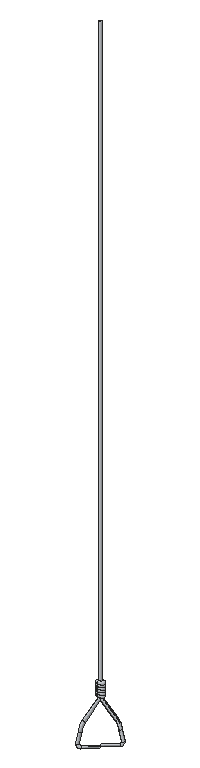
Revit family "Wire-HunterDouglas-V-Baffle_Fins", category Specialty Equipment, Revit 2013
Parameters (values of type "Parametric")
  ecoScorecard_data = "http://products.ecoscorecard.com/hunterdouglascontract/LV101520M"
  ecoScorecard Product Page = "http://hunterdouglascontract.ecoscorecard.com/product/LV101520M?base_search=product_category_A1035"
  Wire Visibility = yes
  Wire Hanger = Metal - Aluminum Frame - HunterDouglas - Painted White
  URL = "http://www.hunterdouglascontract.com/ceilings/index.jsp"
  Subcategory = "Metal Screen Baffle"  # constant formula
  Product Line = "V-Baffle Fins"  # constant formula
  Model = "V-Baffle Fins Hanger Wire"  # constant formula
  Manufacturer = "Hunter Douglas Luxalon Metal Ceilings"  # constant formula
  Hanger Wire Length [instance] = 2' - 0"
  Description = "V-Baffle Fins Hanger Wire"  # constant formula
  Color Finishes = "http://www.hunterdouglascontract.com/ceilings/metalsystems/screenbaffle/vseries/index.jsp?t=colorPage"
  Assembly Code = "C3030200"
  95 CSI = "09510"  # constant formula
  04 CSI = "09 51 00"  # constant formula
Reference planes (in)
  plane 1 "Center (Front/Back)": y = 0
  plane 2: z = 0
  plane 3 "Center (Left/Right)": x = 0
  plane 4: x = -0.77248
  plane 5: x = 0.77248
  plane 6: z = 5.625
  plane 7: z = 5.6875
  plane 8: z = 24
  plane 9: x = 0.39791
  plane 10: x = -0.39791
Dimensions and locks (in)
  equal spacing: plane 4, plane 3 "Center (Left/Right)", plane 5
  plane 4 to plane 5 = 0' - 1.54495"
  locked: plane 6 to plane 7 at 0.0625
  plane 6 to level = 0' - 5 5/8"
  "Hanger Wire Length": plane 8 to level
  aligned and locked: level to plane 2
  aligned and locked: plane 1 "Center (Front/Back)" to nested 1
  aligned and locked: plane 3 "Center (Left/Right)" to nested 1
Nested families (in)
  nested 1: "Hanger_Wire" at (0, 0, 0), type "Wire"
Definition of nested family "Hanger_Wire"
  Parameters (values of type "Wire")
    Wire Visibility = yes
    Wire Hanger = Metal - Aluminum Frame - HunterDouglas - Painted White
    URL = "http://www.hunterdouglascontract.com/ceilings/index.jsp"
    Subcategory = "Metal – Cell Ceilings"  # constant formula
    Product Line = "Open Cell"  # constant formula
    Model = "Open Cell Hanger_Wire"  # constant formula
    Manufacturer = "Hunter Douglas Luxalon Metal Ceilings"  # constant formula
    Hanger Wire Length = 2' - 0"
    Description = "Hanger_Wire"  # constant formula
    Assembly Code = "C3030200"
    95 CSI = "09510"  # constant formula
    04 CSI = "09 51 00"  # constant formula
  Reference planes (in)
    plane 1 "Center (Front/Back)": y = 0
    plane 2: z = 0
    plane 3 "Center (Left/Right)": x = 0
    plane 4: x = -0.77248
    plane 5: x = 0.77248
    plane 6: z = 5.625
    plane 7: z = 5.6875
    plane 8: z = 24
    plane 9: x = 0.39791
    plane 10: x = -0.39791
  Forms (in)
    Sweep 1, solid, material "Metal - Aluminum Frame - HunterDouglas - Painted White" <- "Wire Hanger", visible <- "Wire Visibility", detail levels fine
      path origin (0, 0, 0) x (0.707107, 0.707107, 0) y (0, 0, 1)
        loop
          line (0.03125, 24) -> (0.03125, 6.89543) -> (0.38236, 6.32885)
          arc (0.38236, 6.32885) -> (0.44435, 6.20373) -> (0.48166, 6.06916) r 0.73777
          line (0.48166, 6.06916) -> (0.5376, 5.75399)
          arc (0.5376, 5.75399) -> (0.51364, 5.66427) -> (0.42949, 5.625) r 0.1098
          line (0.42949, 5.625) -> (-0.42976, 5.625)
          arc (-0.42976, 5.625) -> (-0.51374, 5.66419) -> (-0.53765, 5.75372) r 0.10957
          line (-0.53765, 5.75372) -> (-0.48246, 6.06465)
          arc (-0.48246, 6.06465) -> (-0.44395, 6.20357) -> (-0.37995, 6.33274) r 0.76163
          line (-0.37995, 6.33274) -> (-0.0384, 6.88388)
      profile origin (-0.0001, -0.0001, 5.625) x (0, 0, -1) y (0.707107, -0.707107, 0)
        loop
          circle (-0.03125, 0) r 0.03125
    Revolve 2, solid, material "Metal - Aluminum Frame - HunterDouglas - Painted White" <- "Wire Hanger", visible <- "Wire Visibility", detail levels fine
      sketch origin (0.00705, -1.10535, 0.17393) x (0, 0.947216, -0.320596) y (0, 0.320596, 0.947216)
        loop
          line (-1.22115, 7.10899) -> (-1.29189, 7.10899)
          arc (-1.29189, 7.10899) -> (-1.32314, 7.07774) -> (-1.29189, 7.04649) r 0.03125
          line (-1.29189, 7.04649) -> (-1.22115, 7.04649) -> (-1.22115, 7.10899)
        axis (-1.22115, 7.04649) -> (-1.22115, 7.10899)
      angle from 0 to 360
    Revolve 3, solid, material "Metal - Aluminum Frame - HunterDouglas - Painted White" <- "Wire Hanger", visible <- "Wire Visibility", detail levels fine
      sketch origin (0.00705, -1.10535, 0.04197) x (0, 0.947216, -0.320596) y (0, 0.320596, 0.947216)
        loop
          line (-1.22115, 7.10899) -> (-1.29189, 7.10899)
          arc (-1.29189, 7.10899) -> (-1.32314, 7.07774) -> (-1.29189, 7.04649) r 0.03125
          line (-1.29189, 7.04649) -> (-1.22115, 7.04649) -> (-1.22115, 7.10899)
        axis (-1.22115, 7.04649) -> (-1.22115, 7.10899)
      angle from 0 to 360
    Revolve 4, solid, material "Metal - Aluminum Frame - HunterDouglas - Painted White" <- "Wire Hanger", visible <- "Wire Visibility", detail levels fine
      sketch origin (0.00705, -1.10535, 0.10916) x (0, 0.947216, -0.320596) y (0, 0.320596, 0.947216)
        loop
          line (-1.22115, 7.10899) -> (-1.29189, 7.10899)
          arc (-1.29189, 7.10899) -> (-1.32314, 7.07774) -> (-1.29189, 7.04649) r 0.03125
          line (-1.29189, 7.04649) -> (-1.22115, 7.04649) -> (-1.22115, 7.10899)
        axis (-1.22115, 7.04649) -> (-1.22115, 7.10899)
      angle from 0 to 360
    Revolve 5, solid, material "Metal - Aluminum Frame - HunterDouglas - Painted White" <- "Wire Hanger", visible <- "Wire Visibility", detail levels fine
      sketch origin (0.00705, -1.10535, -0.02357) x (0, 0.947216, -0.320596) y (0, 0.320596, 0.947216)
        loop
          line (-1.22115, 7.10899) -> (-1.29189, 7.10899)
          arc (-1.29189, 7.10899) -> (-1.32314, 7.07774) -> (-1.29189, 7.04649) r 0.03125
          line (-1.29189, 7.04649) -> (-1.22115, 7.04649) -> (-1.22115, 7.10899)
        axis (-1.22115, 7.04649) -> (-1.22115, 7.10899)
      angle from 0 to 360
    Revolve 6, solid, material "Metal - Aluminum Frame - HunterDouglas - Painted White" <- "Wire Hanger", visible <- "Wire Visibility", detail levels fine
      sketch origin (0.00705, -1.10535, -0.08912) x (0, 0.947216, -0.320596) y (0, 0.320596, 0.947216)
        loop
          line (-1.22115, 7.10899) -> (-1.29189, 7.10899)
          arc (-1.29189, 7.10899) -> (-1.32314, 7.07774) -> (-1.29189, 7.04649) r 0.03125
          line (-1.29189, 7.04649) -> (-1.22115, 7.04649) -> (-1.22115, 7.10899)
        axis (-1.22115, 7.04649) -> (-1.22115, 7.10899)
      angle from 0 to 360
    Revolve 7, solid, material "Metal - Aluminum Frame - HunterDouglas - Painted White" <- "Wire Hanger", visible <- "Wire Visibility", detail levels fine
      sketch origin (0.00705, -1.10535, -0.15857) x (0, 0.947216, -0.320596) y (0, 0.320596, 0.947216)
        loop
          line (-1.22115, 7.10899) -> (-1.29189, 7.10899)
          arc (-1.29189, 7.10899) -> (-1.32314, 7.07774) -> (-1.29189, 7.04649) r 0.03125
          line (-1.29189, 7.04649) -> (-1.22115, 7.04649) -> (-1.22115, 7.10899)
        axis (-1.22115, 7.04649) -> (-1.22115, 7.10899)
      angle from 0 to 360
  Lines and regions (in)
    model lines, style "Wire", visible <- "Wire Visibility", detail levels coarse+medium
      curve 1: line (0, 0, 23.78125) -> (0, 0, 5.6875)
    symbolic lines, style "Wire", visible <- "Wire Visibility", detail levels fine
      curve 2: line (-0.38204, -0.33784, 0) -> (-0.08282, -0.03863, 0)
      curve 3: line (0.38204, 0.33784, 0) -> (0.09664, 0.05243, 0)
      curve 4: arc (0.33784, 0.38204, 0) -> (0.38204, 0.38204, 0) -> (0.38204, 0.33784, 0) r 0.03125
      curve 5: arc (-0.38204, -0.33784, 0) -> (-0.38204, -0.38204, 0) -> (-0.33784, -0.38204, 0) r 0.03125
      curve 6: circle (0.00691, 0.00691, 0) r 0.10062 normal (0, 0, 1)
      curve 8: line (0.05244, 0.09663, 0) -> (0.33784, 0.38204, 0)
      curve 9: line (-0.03862, -0.08282, 0) -> (-0.33784, -0.38204, 0)
      curve 14: line (-0.03122, 0, 24) -> (0.03122, 0, 24)
      curve 15: line (0.03122, 0, 24) -> (0.03122, 0, 7.2956)
      curve 16: line (-0.02999, 0, 6.87867) -> (-0.27048, 0, 6.34802)
      curve 17: line (-0.39791, 0, 5.75833) -> (-0.33782, 0, 6.08096)
      curve 18: arc (-0.33782, 0, 6.08096) -> (-0.3161, 0, 6.2175) -> (-0.27048, 0, 6.34802) r 0.77561
      curve 19: arc (-0.39791, 0, 5.75833) -> (-0.37867, 0, 5.67143) -> (-0.30275, 0, 5.625) r 0.11373
      curve 20: line (0.08629, 0, 6.80661) -> (-0.02999, 0, 6.87867)
      curve 21: spline (-0.03122, 0, 6.87764) -> (-0.02944, 0, 6.87816) -> (-0.02594, 0, 6.87916) -> (-0.02092, 0, 6.8806) -> (-0.01467, 0, 6.88239) -> (-0.00756, 0, 6.88442) -> (0, 0, 6.88657) -> (0.00755, 0, 6.88872) -> (0.01466, 0, 6.89074) -> (0.02091, 0, 6.89251) -> (0.02594, 0, 6.89393) -> (0.02944, 0, 6.89492) -> (0.03122, 0, 6.89542)
      curve 22: line (0.00884, 0, 6.81294) -> (-0.21356, 0, 6.32222)
      curve 23: arc (-0.2757, 0, 6.07315) -> (-0.25593, 0, 6.2005) -> (-0.21356, 0, 6.32222) r 0.71311
      curve 24: line (-0.33647, 0, 5.74689) -> (-0.2757, 0, 6.07315)
      curve 25: arc (-0.33647, 0, 5.74689) -> (-0.3278, 0, 5.70774) -> (-0.2936, 0, 5.68683) r 0.05123
      curve 26: line (0.03122, 0, 24) -> (-0.03122, 0, 24)
      curve 27: line (-0.03122, 0, 24) -> (-0.03122, 0, 7.3171)
      curve 28: line (-0.2936, 0, 5.68683) -> (0, 0, 5.68683)
      curve 29: line (0, 0, 5.625) -> (-0.30275, 0, 5.625)
      curve 30: line (-0.03122, 0, 6.92002) -> (-0.03122, 0, 6.87595)
      curve 31: line (0.03122, 0, 6.87595) -> (0.27048, 0, 6.34802)
      curve 32: line (0.39791, 0, 5.75833) -> (0.33782, 0, 6.08096)
      curve 33: arc (0.33782, 0, 6.08096) -> (0.3161, 0, 6.2175) -> (0.27048, 0, 6.34802) r 0.77561
      curve 34: arc (0.39791, 0, 5.75833) -> (0.37867, 0, 5.67143) -> (0.30275, 0, 5.625) r 0.11373
      curve 35: spline (0.03122, 0, 6.87764) -> (0.02944, 0, 6.87816) -> (0.02594, 0, 6.87916) -> (0.02092, 0, 6.8806) -> (0.01467, 0, 6.88239) -> (0.00756, 0, 6.88442) -> (0, 0, 6.88657) -> (-0.00755, 0, 6.88872) -> (-0.01466, 0, 6.89074) -> (-0.02091, 0, 6.89251) -> (-0.02594, 0, 6.89393) -> (-0.02944, 0, 6.89492) -> (-0.03122, 0, 6.89542)
      curve 36: line (-0.00884, 0, 6.81294) -> (0.21356, 0, 6.32222)
      curve 37: arc (0.2757, 0, 6.07315) -> (0.25593, 0, 6.2005) -> (0.21356, 0, 6.32222) r 0.71311
      curve 38: line (0.33647, 0, 5.74689) -> (0.2757, 0, 6.07315)
      curve 39: arc (0.33647, 0, 5.74689) -> (0.3278, 0, 5.70774) -> (0.2936, 0, 5.68683) r 0.05123
      curve 40: line (0.2936, 0, 5.68683) -> (0, 0, 5.68683)
      curve 41: line (0, 0, 5.625) -> (0.30275, 0, 5.625)
      curve 42: line (0.03122, 0, 6.92002) -> (0.03122, 0, 6.87595)
    symbolic lines, style "Wire", detail levels fine
      curve 7: circle (0, 0, 0) r 0.03125 normal (0, 0, 1)
      curve 43: line (0, 0.03122, 6.87595) -> (0, 0.27048, 6.34802)
      curve 44: line (0, 0.39791, 5.75833) -> (0, 0.33782, 6.08096)
      curve 45: arc (0, 0.33782, 6.08096) -> (0, 0.3161, 6.2175) -> (0, 0.27048, 6.34802) r 0.77561
      curve 46: arc (0, 0.39791, 5.75833) -> (0, 0.37867, 5.67143) -> (0, 0.30275, 5.625) r 0.11373
      curve 47: line (0, -0.00884, 6.81294) -> (0, 0.21356, 6.32222)
      curve 48: arc (0, 0.2757, 6.07315) -> (0, 0.25593, 6.2005) -> (0, 0.21356, 6.32222) r 0.71311
      curve 49: line (0, 0.33647, 5.74689) -> (0, 0.2757, 6.07315)
      curve 50: arc (0, 0.33647, 5.74689) -> (0, 0.3278, 5.70774) -> (0, 0.2936, 5.68683) r 0.05123
      curve 51: line (0, 0.2936, 5.68683) -> (0, 0, 5.68683)
      curve 52: line (0, 0, 5.625) -> (0, 0.30275, 5.625)
      curve 53: line (0, -0.03122, 6.87595) -> (0, -0.27048, 6.34802)
      curve 54: line (0, -0.39791, 5.75833) -> (0, -0.33782, 6.08096)
      curve 55: arc (0, -0.33782, 6.08096) -> (0, -0.3161, 6.2175) -> (0, -0.27048, 6.34802) r 0.77561
      curve 56: arc (0, -0.39791, 5.75833) -> (0, -0.37867, 5.67143) -> (0, -0.30275, 5.625) r 0.11373
      curve 57: line (0, 0.00884, 6.81294) -> (0, -0.21356, 6.32222)
      curve 58: arc (0, -0.2757, 6.07315) -> (0, -0.25593, 6.2005) -> (0, -0.21356, 6.32222) r 0.71311
      curve 59: line (0, -0.33647, 5.74689) -> (0, -0.2757, 6.07315)
      curve 60: arc (0, -0.33647, 5.74689) -> (0, -0.3278, 5.70774) -> (0, -0.2936, 5.68683) r 0.05123
      curve 61: line (0, -0.2936, 5.68683) -> (0, 0, 5.68683)
      curve 62: line (0, 0, 5.625) -> (0, -0.30275, 5.625)
      curve 63: line (0, -0.03122, 6.92002) -> (0, -0.03122, 6.87595)
      curve 64: line (0, -0.04684, 7.32248) -> (0, 0.08788, 7.27609)
      curve 65: line (0, -0.07537, 7.26608) -> (0, 0.06749, 7.21689)
      curve 66: arc (0, 0.08788, 7.27609) -> (0, 0.10729, 7.2363) -> (0, 0.06749, 7.21689) r 0.03131
      curve 67: arc (0, -0.04684, 7.32248) -> (0, -0.08569, 7.30672) -> (0, -0.07537, 7.26608) r 0.0319
      curve 68: arc (0, 0.08788, 7.20987) -> (0, 0.10784, 7.17187) -> (0, 0.0711, 7.14966) r 0.03131
      curve 69: arc (0, -0.04684, 7.25626) -> (0, -0.08551, 7.24085) -> (0, -0.07602, 7.20032) r 0.0319
      curve 70: line (0, -0.07602, 7.20032) -> (0, 0.0711, 7.14966)
      curve 71: arc (0, 0.08788, 7.14365) -> (0, 0.10784, 7.10565) -> (0, 0.0711, 7.08344) r 0.03131
      curve 72: arc (0, -0.04684, 7.19004) -> (0, -0.08551, 7.17463) -> (0, -0.07602, 7.1341) r 0.0319
      curve 73: line (0, -0.07602, 7.1341) -> (0, 0.0711, 7.08344)
      curve 74: arc (0, 0.08788, 7.07743) -> (0, 0.10784, 7.03943) -> (0, 0.0711, 7.01722) r 0.03131
      curve 75: arc (0, -0.04684, 7.12382) -> (0, -0.08551, 7.10841) -> (0, -0.07602, 7.06788) r 0.0319
      curve 76: line (0, -0.07602, 7.06788) -> (0, 0.0711, 7.01722)
      curve 77: arc (0, 0.08788, 7.01121) -> (0, 0.10784, 6.97321) -> (0, 0.0711, 6.951) r 0.03131
      curve 78: arc (0, -0.04684, 7.0576) -> (0, -0.08551, 7.04219) -> (0, -0.07602, 7.00166) r 0.0319
      curve 79: line (0, -0.07602, 7.00166) -> (0, 0.0711, 6.951)
      curve 80: arc (0, 0.08788, 6.94499) -> (0, 0.10784, 6.90699) -> (0, 0.0711, 6.88478) r 0.03131
      curve 81: arc (0, -0.04684, 6.99138) -> (0, -0.08551, 6.97597) -> (0, -0.07602, 6.93544) r 0.0319
      curve 82: line (0, -0.07602, 6.93544) -> (0, 0.0711, 6.88478)
      curve 83: line (0, -0.03122, 6.92002) -> (0, -0.03122, 6.87595)
      curve 84: spline (0, 0.03122, 6.87764) -> (0, 0.02944, 6.87816) -> (0, 0.02594, 6.87916) -> (0, 0.02092, 6.8806) -> (0, 0.01467, 6.88239) -> (0, 0.00756, 6.88442) -> (0, 0, 6.88657) -> (0, -0.00755, 6.88872) -> (0, -0.01466, 6.89074) -> (0, -0.02091, 6.89251) -> (0, -0.02594, 6.89393) -> (0, -0.02944, 6.89492) -> (0, -0.03122, 6.89542)
      curve 85: line (0, 0.03122, 6.89852) -> (0, 0.03122, 6.87595)
    symbolic lines, style "Wire", visible <- "Wire Visibility"
      curve 10: line (0, 0.03125, 24) -> (0, -0.03125, 24)
      curve 86: arc (-0.07801, 0, 6.97131) -> (-0.09482, 0, 7.00588) -> (-0.07483, 0, 7.03872) r 0.04011
      curve 87: arc (-0.07459, 0, 7.03886) -> (-0.03526, 0, 7.05461) -> (0.00686, 0, 7.05917) r 0.15569
      curve 88: arc (0.09173, 0, 6.97131) -> (0.10854, 0, 7.00588) -> (0.08855, 0, 7.03872) r 0.04011
      curve 89: arc (0.0883, 0, 7.03886) -> (0.04898, 0, 7.05461) -> (0.00686, 0, 7.05917) r 0.15569
      curve 90: arc (-0.07483, 0, 7.03872) -> (-0.09482, 0, 7.07163) -> (-0.07788, 0, 7.10622) r 0.04011
      curve 91: arc (-0.07459, 0, 7.10831) -> (-0.03526, 0, 7.12406) -> (0.00686, 0, 7.12862) r 0.15569
      curve 92: arc (0.08855, 0, 7.03872) -> (0.10858, 0, 7.07359) -> (0.0883, 0, 7.10831) r 0.04011
      curve 93: arc (0.0883, 0, 7.10831) -> (0.04898, 0, 7.12406) -> (0.00686, 0, 7.12862) r 0.15569
      curve 94: arc (-0.07788, 0, 7.10622) -> (-0.09482, 0, 7.14094) -> (-0.07459, 0, 7.17385) r 0.04011
      curve 95: arc (-0.07459, 0, 7.17385) -> (-0.03526, 0, 7.1896) -> (0.00686, 0, 7.19416) r 0.15569
      curve 96: arc (0.0916, 0, 7.10622) -> (0.10853, 0, 7.14094) -> (0.0883, 0, 7.17385) r 0.04011
      curve 97: arc (0.0883, 0, 7.17385) -> (0.04898, 0, 7.1896) -> (0.00686, 0, 7.19416) r 0.15569
      curve 98: arc (-0.07788, 0, 7.17176) -> (-0.09486, 0, 7.20453) -> (-0.07788, 0, 7.2373) r 0.04011
      curve 99: arc (-0.07459, 0, 7.23939) -> (-0.03526, 0, 7.25514) -> (0.00686, 0, 7.2597) r 0.15569
      curve 100: arc (0.0916, 0, 7.17176) -> (0.10858, 0, 7.20453) -> (0.0916, 0, 7.2373) r 0.04011
      curve 101: arc (0.0883, 0, 7.23939) -> (0.04898, 0, 7.25514) -> (0.00686, 0, 7.2597) r 0.15569
      curve 102: arc (-0.07788, 0, 7.2373) -> (-0.09482, 0, 7.27202) -> (-0.07459, 0, 7.30494) r 0.04011
      curve 103: arc (-0.07459, 0, 7.30494) -> (-0.03526, 0, 7.32068) -> (0.00686, 0, 7.32524) r 0.15569
      curve 104: arc (0.0916, 0, 7.2373) -> (0.10853, 0, 7.27202) -> (0.0883, 0, 7.30494) r 0.04011
      curve 105: arc (0.0883, 0, 7.30494) -> (0.04898, 0, 7.32068) -> (0.00686, 0, 7.32524) r 0.15569
      curve 106: arc (-0.07788, 0, 6.90568) -> (-0.09482, 0, 6.94041) -> (-0.07459, 0, 6.97332) r 0.04011
      curve 107: arc (-0.07801, 0, 6.97131) -> (-0.03718, 0, 6.98857) -> (0.00686, 0, 6.99363) r 0.15569
      curve 108: arc (0.0916, 0, 6.90568) -> (0.10853, 0, 6.94041) -> (0.0883, 0, 6.97332) r 0.04011
      curve 109: arc (0.09173, 0, 6.97131) -> (0.0509, 0, 6.98857) -> (0.00686, 0, 6.99363) r 0.15569
      curve 110: arc (-0.07788, 0, 6.90568) -> (-0.05245, 0, 6.89233) -> (-0.02439, 0, 6.88621) r 0.10721
      curve 111: arc (0.0916, 0, 6.90568) -> (0.06617, 0, 6.89233) -> (0.03811, 0, 6.88621) r 0.10721
    symbolic lines, style "Wire", detail levels medium+fine
      curve 11: line (0, -0.03125, 24) -> (0, -0.03125, 7.23915)
      curve 12: arc (0, 0.03125, 7.23915) -> (0, 0, 7.22966) -> (0, -0.03125, 7.23915) r 0.05621
      curve 13: line (0, 0.03125, 7.23915) -> (0, 0.03125, 24)
  Dimensions and locks (in)
    equal spacing: plane 4, plane 3 "Center (Left/Right)", plane 5
    plane 4 to plane 5 = 0' - 1.54495"
    locked: plane 6 to plane 7 at 0.0625
    plane 6 to level = 0' - 5 5/8"
    "Hanger Wire Length": plane 8 to level
    aligned and locked: level to plane 2
    aligned and locked: Sweep 1 sketch curve to plane 6
    aligned and locked: curve 1 to plane 3 "Center (Left/Right)"
    aligned and locked: plane 7 to curve 1
    aligned and locked: plane 8 to curve 26
    aligned and locked: plane 8 to Sweep 1 sketch curve
    aligned and locked: curve 10 to plane 8
  Automatic sketch dimensions
    curve 12 to plane 1 "Center (Front/Back)" = 0' - 0"
    plane 1 "Center (Front/Back)" to curve 11 = 0' - 0 1/32"
    curve 13 to plane 1 "Center (Front/Back)" = 0' - 0 1/32"
    curve 12 to curve 12 = 0' - 0.04672"
    curve 18 to curve 23 = 0' - 0"  (x2)
    curve 19 to curve 25 = 0' - 0"  (x2)
    curve 33 to curve 37 = 0' - 0"  (x2)
    curve 34 to curve 39 = 0' - 0"  (x2)
    curve 19 to plane 6 = 0' - 0"
    curve 41 to plane 3 "Center (Left/Right)" = 0' - 0"
    curve 40 to plane 3 "Center (Left/Right)" = 0' - 0"
    curve 35 to plane 3 "Center (Left/Right)" = 0' - 0"
    curve 36 to plane 3 "Center (Left/Right)" = 0' - 0.00884"
    curve 16 to plane 3 "Center (Left/Right)" = 0' - 0.02999"
    curve 14 to plane 3 "Center (Left/Right)" = 0' - 0.03122"
    curve 35 to curve 16 = 0' - 0.00123"
    curve 21 to curve 21 = 0' - 0.00021"
    curve 22 to plane 3 "Center (Left/Right)" = 0' - 0.21356"
    curve 18 to curve 23 = 0' - 0.05693"
    curve 23 to curve 22 = 0' - 0.06215"
    plane 7 to curve 19 = 0' - 0.05001"
    curve 19 to plane 3 "Center (Left/Right)" = 0' - 0.2861"
    curve 25 to plane 7 = 0' - 0.00067"
    curve 25 to curve 19 = 0' - 0.0075"
    curve 29 to curve 28 = 0' - 0.00915"
    curve 25 to curve 19 = 0' - 0.05037"
    curve 17 to curve 23 = 0' - 0.06212"
    plane 7 to curve 17 = 0' - 0.07083"
    curve 37 to curve 17 = 0' - 0.09814"
    plane 3 "Center (Left/Right)" to curve 21 = 0' - 0"
    plane 3 "Center (Left/Right)" to curve 22 = 0' - 0.00884"
    plane 3 "Center (Left/Right)" to curve 42 = 0' - 0.03122"
    plane 3 "Center (Left/Right)" to curve 14 = 0' - 0.03122"
    curve 35 to curve 31 = 0' - 0"
    curve 35 to curve 35 = 0' - 0.00021"
    curve 22 to curve 20 = 0' - 0.07745"
    plane 3 "Center (Left/Right)" to curve 37 = 0' - 0.21356"
    curve 36 to curve 31 = 0' - 0.05693"
    curve 37 to curve 38 = 0' - 0.06215"
    plane 7 to curve 39 = 0' - 0.05001"
    plane 3 "Center (Left/Right)" to curve 39 = 0' - 0.2861"
    curve 34 to curve 40 = 0' - 0.0075"
    curve 39 to curve 34 = 0' - 0.00915"
    curve 34 to curve 39 = 0' - 0.05037"
    curve 38 to curve 33 = 0' - 0.06212"
    curve 38 to curve 34 = 0' - 0.06144"
    curve 33 to curve 23 = 0' - 0.09814"
    curve 19 to curve 33 = 0' - 0 69/256"
    curve 34 to curve 18 = 0' - 0 69/256"
    curve 33 to curve 23 = 0' - 0.04529"
    curve 18 to curve 37 = 0' - 0.04529"
    curve 38 to curve 32 = 0' - 0 1/128"
    curve 23 to curve 18 = 0' - 0 1/128"
    curve 33 to curve 20 = 0' - 0.4586"
    curve 20 to curve 36 = 0' - 0.00633"
    curve 22 to curve 36 = 0' - 0"
    curve 36 to curve 30 = 0' - 0.06301"
    curve 42 to curve 16 = 0' - 0.00272"
    curve 31 to curve 35 = 0' - 0.00163"
    curve 30 to curve 21 = 0' - 0.00163"
    curve 35 to curve 35 = 0' - 0.00006"
    curve 21 to curve 21 = 0' - 0.00006"
    curve 35 to curve 30 = 0' - 0.0246"
    curve 21 to curve 42 = 0' - 0.0246"
    curve 42 to curve 15 = 0' - 0.37558"
    curve 15 to curve 27 = 0' - 0.0215"
    plane 1 "Center (Front/Back)" to curve 7 = 0' - 0"
    curve 7 to plane 3 "Center (Left/Right)" = 0' - 0"
    curve 9 to plane 3 "Center (Left/Right)" = 0' - 0.03862"
    plane 1 "Center (Front/Back)" to curve 2 = 0' - 0.03863"
    curve 2 to curve 9 = 0' - 0.0442"
    curve 5 to plane 3 "Center (Left/Right)" = 0' - 0.33784"
    curve 5 to curve 9 = 0' - 0.0221"
    curve 5 to curve 5 = 0' - 0.0221"
    plane 3 "Center (Left/Right)" to curve 6 = 0' - 0.00691"
    plane 3 "Center (Left/Right)" to curve 8 = 0' - 0.05244"
    curve 8 to curve 3 = 0' - 0.0442"
    plane 3 "Center (Left/Right)" to curve 4 = 0' - 0.33784"
    curve 4 to curve 4 = 0' - 0.0221"
    curve 4 to curve 3 = 0' - 0.0221"
    curve 9 to curve 2 = 0' - 0.0442"
    plane 1 "Center (Front/Back)" to curve 2 = 0' - 0.33784"
    curve 5 to curve 2 = 0' - 0.0221"
    curve 4 to plane 1 "Center (Front/Back)" = 0' - 0.33784"
    curve 3 to curve 4 = 0' - 0.0221"
    plane 7 to Sweep 1 sketch curve = 0' - 0.06622"
    plane 7 to Sweep 1 sketch curve = 0' - 0.37715"
    Sweep 1 sketch curve to Sweep 1 sketch curve = 0' - 0.05519"
    Sweep 1 sketch curve to Sweep 1 sketch curve = 0' - 0.10788"
    Sweep 1 sketch curve to Sweep 1 sketch curve = 0' - 0.10251"
    Sweep 1 sketch curve to Sweep 1 sketch curve = 0' - 0.2377"
    plane 7 to Sweep 1 sketch curve = 0' - 1.19638"
    Sweep 1 sketch curve to Sweep 1 sketch curve = 0' - 0.34154"
    Sweep 1 sketch curve to Sweep 1 sketch curve = 0' - 0.06965"
    plane 7 to Sweep 1 sketch curve = 0' - 0.24405"
    Sweep 1 sketch curve to Sweep 1 sketch curve = 0' - 0.51221"
    Sweep 1 sketch curve to Sweep 1 sketch curve = 0' - 0.1149"
    Sweep 1 sketch curve to Sweep 1 sketch curve = 0' - 0.16204"
    Sweep 1 sketch curve to Sweep 1 sketch curve = 0' - 0.21421"
    plane 7 to Sweep 1 sketch curve = 0' - 0.06649"
    Sweep 1 sketch curve to Sweep 1 sketch curve = 0' - 0.10811"
    plane 7 to Sweep 1 sketch curve = 0' - 0.25273"
    Sweep 1 sketch curve to Sweep 1 sketch curve = 0' - 0.13761"
    Sweep 1 sketch curve to Sweep 1 sketch curve = 0' - 0.01154"
    Sweep 1 sketch curve to profile plane = 0' - 0"
    profile plane to Sweep 1 sketch curve = 0' - 0 1/32"
    plane 1 "Center (Front/Back)" to Revolve 2 sketch curve = 0' - 0.06997"
    plane 7 to Revolve 2 sketch curve = 0' - 1.57516"
    Revolve 2 sketch curve to Revolve 2 sketch curve = 0' - 0.07074"
    Revolve 2 sketch curve to Revolve 2 sketch curve = 0' - 0"  (x2)
    Revolve 2 sketch curve to Revolve 2 sketch curve = 0' - 0 1/32"
    Revolve 2 sketch curve to Revolve 2 sketch curve = 0' - 0.02781"
    plane 1 "Center (Front/Back)" to Revolve 3 sketch curve = 0' - 0.06997"
    plane 7 to Revolve 3 sketch curve = 0' - 1.44319"
    Revolve 3 sketch curve to Revolve 3 sketch curve = 0' - 0.07074"
    Revolve 3 sketch curve to Revolve 3 sketch curve = 0' - 0"  (x2)
    Revolve 3 sketch curve to Revolve 3 sketch curve = 0' - 0 1/32"
    Revolve 3 sketch curve to Revolve 3 sketch curve = 0' - 0.02781"
    curve 45 to curve 48 = 0' - 0"  (x2)
    curve 46 to curve 50 = 0' - 0"  (x2)
    curve 55 to curve 58 = 0' - 0"  (x2)
    curve 56 to curve 60 = 0' - 0"  (x2)
    plane 6 to curve 46 = 0' - 0"
    curve 61 to plane 1 "Center (Front/Back)" = 0' - 0"
    curve 52 to plane 1 "Center (Front/Back)" = 0' - 0"
    curve 57 to plane 1 "Center (Front/Back)" = 0' - 0.00884"
    curve 85 to plane 1 "Center (Front/Back)" = 0' - 0.03122"
    curve 84 to curve 43 = 0' - 0"
    curve 84 to curve 84 = 0' - 0.00021"
    curve 65 to plane 1 "Center (Front/Back)" = 0' - 0.06749"
    curve 73 to plane 1 "Center (Front/Back)" = 0' - 0.0711"
    curve 68 to curve 71 = 0' - 0"
    curve 79 to curve 85 = 0' - 0.03988"
    curve 82 to curve 84 = 0' - 0.03967"
    curve 76 to curve 73 = 0' - 0"
    curve 74 to curve 74 = 0' - 0.00658"
    curve 68 to curve 68 = 0' - 0.00658"
    curve 77 to curve 79 = 0' - 0.00658"
    curve 80 to curve 80 = 0' - 0.00658"
    curve 71 to curve 73 = 0' - 0.00658"
    curve 66 to curve 66 = 0' - 0.01019"
    curve 80 to curve 79 = 0' - 0.01678"
    curve 77 to curve 76 = 0' - 0.01678"
    curve 64 to curve 66 = 0' - 0.01019"
    curve 71 to curve 70 = 0' - 0.01678"
    curve 68 to curve 66 = 0' - 0.02038"
    curve 74 to curve 73 = 0' - 0.01678"
    curve 48 to plane 1 "Center (Front/Back)" = 0' - 0.21356"
    curve 45 to curve 47 = 0' - 0.05693"
    curve 48 to curve 48 = 0' - 0.06215"
    plane 7 to curve 46 = 0' - 0.05001"
    curve 46 to plane 1 "Center (Front/Back)" = 0' - 0.2861"
    curve 50 to plane 7 = 0' - 0.00067"
    curve 50 to curve 46 = 0' - 0.0075"
    curve 52 to curve 50 = 0' - 0.00915"
    plane 7 to curve 49 = 0' - 0.05939"
    curve 44 to curve 48 = 0' - 0.06212"
    curve 46 to curve 49 = 0' - 0.06144"
    curve 55 to curve 45 = 0' - 0.09814"
    plane 1 "Center (Front/Back)" to curve 84 = 0' - 0"
    plane 1 "Center (Front/Back)" to curve 47 = 0' - 0.00884"
    plane 1 "Center (Front/Back)" to curve 83 = 0' - 0.03122"
    plane 1 "Center (Front/Back)" to curve 64 = 0' - 0.04684"
    plane 1 "Center (Front/Back)" to curve 69 = 0' - 0.04684"
    plane 1 "Center (Front/Back)" to curve 72 = 0' - 0.04684"
    plane 1 "Center (Front/Back)" to curve 81 = 0' - 0.04684"
    plane 1 "Center (Front/Back)" to curve 78 = 0' - 0.04684"
    plane 1 "Center (Front/Back)" to curve 75 = 0' - 0.04684"
    curve 72 to curve 72 = 0' - 0.01039"
    curve 67 to curve 67 = 0' - 0.01039"
    curve 81 to curve 81 = 0' - 0.01039"
    curve 69 to curve 69 = 0' - 0.01039"
    curve 78 to curve 78 = 0' - 0.01039"
    curve 75 to curve 75 = 0' - 0.01039"
    curve 69 to curve 67 = 0' - 0.02853"
    curve 75 to curve 73 = 0' - 0.02918"
    curve 72 to curve 69 = 0' - 0.02918"
    curve 81 to curve 81 = 0' - 0.01879"
    curve 78 to curve 75 = 0' - 0.02918"
    curve 81 to curve 79 = 0' - 0.02918"
    plane 1 "Center (Front/Back)" to curve 57 = 0' - 0.21356"
    curve 57 to curve 55 = 0' - 0.05693"
    curve 58 to curve 58 = 0' - 0.06215"
    plane 7 to curve 60 = 0' - 0.05001"
    plane 1 "Center (Front/Back)" to curve 60 = 0' - 0.2861"
    curve 56 to curve 60 = 0' - 0.0075"
    curve 60 to curve 62 = 0' - 0.00915"
    curve 56 to curve 60 = 0' - 0.05037"
    curve 58 to curve 55 = 0' - 0.06212"
    plane 7 to curve 54 = 0' - 0.07083"
    curve 54 to curve 45 = 0' - 0.09814"
    curve 56 to curve 45 = 0' - 0 69/256"
    curve 44 to curve 55 = 0' - 0 69/256"
    curve 45 to curve 59 = 0' - 0.04529"
    curve 55 to curve 49 = 0' - 0.04529"
    curve 58 to curve 54 = 0' - 0 1/128"
    curve 48 to curve 44 = 0' - 0 1/128"
    curve 57 to curve 47 = 0' - 0.49072"
    curve 57 to curve 47 = 0' - 0"
    curve 47 to curve 53 = 0' - 0.06301"
    curve 43 to curve 53 = 0' - 0"
    curve 43 to curve 84 = 0' - 0.00163"
    curve 84 to curve 84 = 0' - 0.00006"
    curve 84 to curve 80 = 0' - 0.00721"
    curve 84 to curve 85 = 0' - 0.02087"
    curve 80 to curve 80 = 0' - 0.03061"
    curve 80 to curve 79 = 0' - 0.00601"
    curve 81 to curve 81 = 0' - 0.02577"
    curve 79 to curve 77 = 0' - 0.03061"
    curve 81 to curve 79 = 0' - 0.01028"
    curve 77 to curve 74 = 0' - 0.00601"
    curve 78 to curve 78 = 0' - 0.02577"
    curve 74 to curve 74 = 0' - 0.03061"
    curve 78 to curve 75 = 0' - 0.01028"
    curve 74 to curve 73 = 0' - 0.00601"
    curve 75 to curve 75 = 0' - 0.02577"
    curve 73 to curve 71 = 0' - 0.03061"
    curve 75 to curve 72 = 0' - 0.01028"
    curve 71 to curve 68 = 0' - 0.00601"
    curve 72 to curve 72 = 0' - 0.02577"
    curve 68 to curve 68 = 0' - 0.03061"
    curve 72 to curve 69 = 0' - 0.01028"
    curve 68 to curve 66 = 0' - 0.00702"
    curve 70 to curve 69 = 0' - 0.02577"
    curve 66 to curve 66 = 0' - 0.0296"
    curve 65 to curve 67 = 0' - 0.02623"
    curve 86 to plane 3 "Center (Left/Right)" = 0' - 0.07801"
    curve 94 to plane 3 "Center (Left/Right)" = 0' - 0.07788"
    curve 98 to curve 94 = 0' - 0"
    curve 98 to curve 98 = 0' - 0"
    curve 107 to curve 110 = 0' - 0.00013"
    curve 86 to curve 90 = 0' - 0.00318"
    curve 102 to curve 99 = 0' - 0.0033"
    curve 98 to curve 95 = 0' - 0.0033"
    curve 90 to curve 87 = 0' - 0.00025"
    curve 86 to curve 106 = 0' - 0.00342"
    curve 94 to curve 91 = 0' - 0.0033"
    curve 94 to curve 95 = 0' - 0"
    curve 102 to curve 99 = 0' - 0"
    curve 103 to curve 102 = 0' - 0"
    curve 110 to curve 106 = 0' - 0.02313"
    curve 106 to curve 86 = 0' - 0.01984"
    curve 99 to curve 102 = 0' - 0.01984"
    curve 87 to curve 90 = 0' - 0.01984"
    curve 91 to curve 94 = 0' - 0.01984"
    curve 95 to curve 98 = 0' - 0.01984"
    curve 110 to plane 3 "Center (Left/Right)" = 0' - 0.02439"
    curve 110 to plane 3 "Center (Left/Right)" = 0' - 0.01579"
    plane 3 "Center (Left/Right)" to curve 107 = 0' - 0.00241"
    plane 3 "Center (Left/Right)" to curve 99 = 0' - 0.00241"
    plane 3 "Center (Left/Right)" to curve 91 = 0' - 0.00241"
    plane 3 "Center (Left/Right)" to curve 87 = 0' - 0.00241"
    plane 3 "Center (Left/Right)" to curve 103 = 0' - 0.00241"
    plane 3 "Center (Left/Right)" to curve 95 = 0' - 0.00241"
    plane 3 "Center (Left/Right)" to curve 103 = 0' - 0.00686"
    plane 3 "Center (Left/Right)" to curve 101 = 0' - 0.00686"
    plane 3 "Center (Left/Right)" to curve 97 = 0' - 0.00686"
    plane 3 "Center (Left/Right)" to curve 87 = 0' - 0.00686"
    plane 3 "Center (Left/Right)" to curve 109 = 0' - 0.00686"
    plane 3 "Center (Left/Right)" to curve 91 = 0' - 0.00686"
    curve 107 to curve 109 = 0' - 0.00891"
    curve 103 to curve 105 = 0' - 0.00891"
    curve 99 to curve 101 = 0' - 0.00891"
    curve 87 to curve 89 = 0' - 0.00891"
    curve 91 to curve 93 = 0' - 0.00891"
    curve 95 to curve 97 = 0' - 0.00891"
    curve 107 to curve 111 = 0' - 0.02264"
    curve 89 to curve 111 = 0' - 0.0268"
    curve 87 to curve 92 = 0' - 0.06161"
    curve 99 to curve 104 = 0' - 0.06161"
    curve 111 to curve 88 = 0' - 0.03896"
    curve 91 to curve 96 = 0' - 0.06161"
    curve 111 to curve 108 = 0' - 0.03036"
    curve 97 to curve 100 = 0' - 0.06161"
    curve 96 to curve 93 = 0' - 0.01984"
    curve 104 to curve 101 = 0' - 0.01984"
    curve 100 to curve 97 = 0' - 0.01984"
    curve 92 to curve 89 = 0' - 0.01984"
    curve 96 to curve 97 = 0' - 0"
    curve 104 to curve 104 = 0' - 0.01984"
    curve 105 to curve 104 = 0' - 0"
    curve 92 to curve 93 = 0' - 0"
    curve 88 to curve 108 = 0' - 0.01984"
    curve 89 to curve 88 = 0' - 0.00025"
    curve 108 to curve 111 = 0' - 0.02313"
    curve 92 to curve 96 = 0' - 0.0033"
    curve 101 to curve 100 = 0' - 0.0033"
    curve 96 to curve 100 = 0' - 0.0033"
    curve 108 to curve 109 = 0' - 0.00342"
    plane 7 to curve 107 = 0' - 1.1505"
    curve 109 to curve 107 = 0' - 0"
    curve 107 to curve 110 = 0' - 0.04821"
    curve 109 to curve 111 = 0' - 0.04821"
    curve 111 to curve 89 = 0' - 0.01733"
    curve 87 to curve 89 = 0' - 0"
    curve 111 to curve 108 = 0' - 0.01947"
    curve 110 to curve 110 = 0' - 0.01947"
    curve 111 to curve 108 = 0' - 0.03277"
    curve 110 to curve 106 = 0' - 0.03277"
    curve 109 to curve 108 = 0' - 0.00201"
    curve 93 to curve 107 = 0' - 0.02063"
    curve 91 to curve 93 = 0' - 0"
    curve 108 to curve 88 = 0' - 0.03068"
    curve 106 to curve 86 = 0' - 0.03068"
    curve 109 to curve 95 = 0' - 0.04491"
    curve 97 to curve 95 = 0' - 0"
    curve 90 to curve 87 = 0' - 0.00014"
    curve 87 to curve 90 = 0' - 0.03458"
    curve 101 to curve 91 = 0' - 0.02454"
    curve 99 to curve 101 = 0' - 0"
    curve 103 to curve 95 = 0' - 0.02454"
    curve 105 to curve 103 = 0' - 0"
    curve 100 to curve 96 = 0' - 0.00209"
    curve 98 to curve 95 = 0' - 0.00209"
    curve 97 to curve 100 = 0' - 0.03068"
    curve 100 to curve 101 = 0' - 0.00209"
    plane 1 "Center (Front/Back)" to Revolve 4 sketch curve = 0' - 0.06997"
    plane 7 to Revolve 4 sketch curve = 0' - 1.51039"
    Revolve 4 sketch curve to Revolve 4 sketch curve = 0' - 0.07074"
    Revolve 4 sketch curve to Revolve 4 sketch curve = 0' - 0"  (x2)
    Revolve 4 sketch curve to Revolve 4 sketch curve = 0' - 0 1/32"
    Revolve 4 sketch curve to Revolve 4 sketch curve = 0' - 0.02781"
    plane 1 "Center (Front/Back)" to Revolve 5 sketch curve = 0' - 0.06997"
    plane 7 to Revolve 5 sketch curve = 0' - 1.37765"
    Revolve 5 sketch curve to Revolve 5 sketch curve = 0' - 0.07074"
    Revolve 5 sketch curve to Revolve 5 sketch curve = 0' - 0"  (x2)
    Revolve 5 sketch curve to Revolve 5 sketch curve = 0' - 0 1/32"
    Revolve 5 sketch curve to Revolve 5 sketch curve = 0' - 0.02781"
    plane 1 "Center (Front/Back)" to Revolve 6 sketch curve = 0' - 0.06997"
    plane 7 to Revolve 6 sketch curve = 0' - 1.31211"
    Revolve 6 sketch curve to Revolve 6 sketch curve = 0' - 0.07074"
    Revolve 6 sketch curve to Revolve 6 sketch curve = 0' - 0"  (x2)
    Revolve 6 sketch curve to Revolve 6 sketch curve = 0' - 0 1/32"
    Revolve 6 sketch curve to Revolve 6 sketch curve = 0' - 0.02781"
    plane 1 "Center (Front/Back)" to Revolve 7 sketch curve = 0' - 0.06997"
    plane 7 to Revolve 7 sketch curve = 0' - 1.24266"
    Revolve 7 sketch curve to Revolve 7 sketch curve = 0' - 0.07074"
    Revolve 7 sketch curve to Revolve 7 sketch curve = 0' - 0"  (x2)
    Revolve 7 sketch curve to Revolve 7 sketch curve = 0' - 0 1/32"
    Revolve 7 sketch curve to Revolve 7 sketch curve = 0' - 0.02781"
    plane 7 to curve 12 = 0' - 1.59837"
    curve 1 to plane 8 = 0' - 0 7/32"
    radius of curve 7 = 0' - 0 1/32"
    radius of Sweep 1 sketch curve = 0' - 0 1/32"
